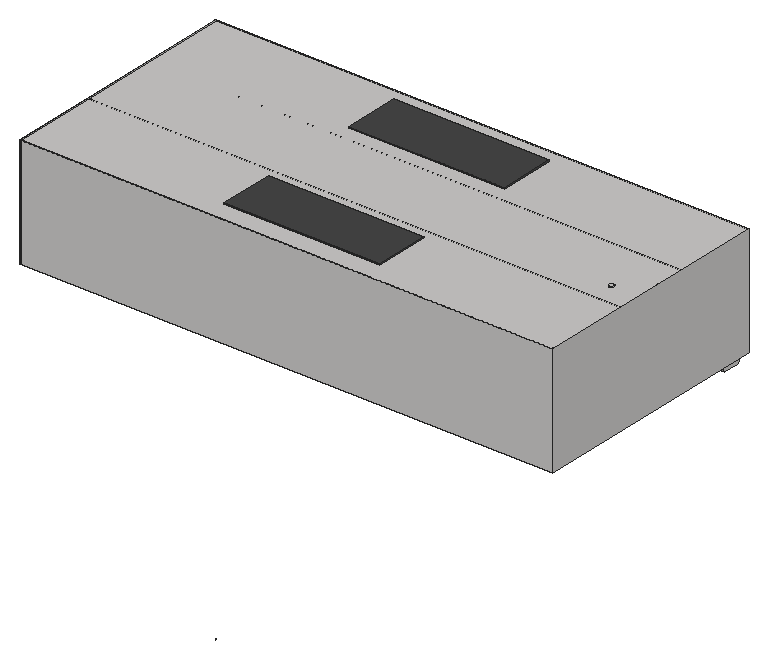
Revit family "QF_ELECTROLUXPROFESSIONAL_641252_STPF1124", category Specialty Equipment, Revit 2014
Reference planes
  plane 1: z = 0
  plane 2 "Center (Left/Right)": x = 150
  plane 3 "LEFT": x = -1050
  plane 4 "RIGHT": x = 1350
  plane 5 "BACK": y = 550
  plane 6 "TOP": z = 2500
  plane 7 "Base": z = 2000
  plane 8: z = 1955
  plane 9 "DrainY": y = 490
  plane 10: x = -1047
  plane 11 "DrainX": x = 1230
  plane 12 "AOLeft2": x = 500
  plane 13: x = 1347
  plane 14: x = -850
  plane 15: x = 1150
  plane 16 "Center (Front/Back)": y = -100
  plane 17 "Front": y = -550
  plane 18 "AOLeft1": x = -200
  plane 19: y = -464
  plane 20: y = -214
  plane 21: y = 240
  plane 22: y = 490
  plane 23 "EI_y": y = -70
  plane 24 "EIx": x = 1230
Forms (mm)
  Extrusion 1, solid, material "QF_Finishes_Stainless Steel"
    sketch origin (-1050, 0, 360) x (0, 1, 0) y (0, 0, 1)
      loop
        line (550, 1640) -> (550, 2140) -> (-550, 2140) -> (-550, 1640) -> (550, 1640)
    from 0 to 3
  Extrusion 2, solid, material "QF_Finishes_Stainless Steel"
    sketch origin (1350, 0, 360) x (0, 1, 0) y (0, 0, 1)
      loop
        line (550, 1640) -> (550, 2140) -> (-550, 2140) -> (-550, 1640) -> (550, 1640)
    from 0 to -3
  Extrusion 3, solid, material "QF_Finishes_Stainless Steel"
    sketch origin (150, 0, 360) x (0, 1, 0) y (0, 0, 1)
      loop
        line (-550, 2140) -> (-550, 1640) -> (-540, 1640) -> (-540, 1640.8) -> (-549.2, 1640.8) -> (-549.2, 2139.19) -> (549.2, 2139.19) -> (549.2, 1640.8) -> (540, 1640.8) -> (540, 1640) -> (550, 1640) -> (550, 2140) -> (-550, 2140)
    from -1200 to 1200
  Extrusion 4, solid, material "QF_Finishes_Stainless Steel"
    sketch origin (0, 0, 2000) x (0, 1, 0) y (-1, 0, 0)
      loop
        circle (490, -1230) r 4.763
    from -30 to 0
  Extrusion 5, solid, material "QF_Finishes_Black"
    sketch origin (0, 0, 2500) x (0, 1, 0) y (-1, 0, 0)
      loop
        line (-214, -500) -> (-214, 200) -> (-464, 200) -> (-464, -500) -> (-214, -500)
    from 5 to 0
  Extrusion 6, solid, material "QF_Finishes_Stainless Steel"
    sketch origin (0, 0, 0) x (1, 0, 0) y (0, 1, 0)
      loop
        line (-1050, 550) -> (-1050, 549) -> (-1049, 549) -> (-1049, 550) -> (-1050, 550)
    from 0 to 1
  Extrusion 7, solid, material "QF_LAMPS"
    sketch origin (150, 0, 360) x (0, 1, 0) y (0, 0, 1)
      loop
        line (-172.823, 1962.324) -> (-18.948, 2086.929) -> (-27.129, 2097.032) -> (-181.003, 1972.426) -> (-172.823, 1962.324)
    from 1197 to -1197
  Sweep 8, solid, material "QF_Finishes_Stainless Steel"
    path origin (0, 0, 0) x (1, 0, 0) y (0, 1, 0)
      loop
        line (1350, 550) -> (-1050, 550) -> (-1050, -550) -> (1350, -550) -> (1350, 550)
    profile origin (1350, 0, 0) x (1, 0, 0) y (0, 0, 1)
      loop
        line (-3, 2000) -> (-3, 2000.8) -> (-19, 2000.8) -> (-19, 2010) -> (-20, 2010) -> (-20, 2000) -> (-3, 2000)
  Extrusion 9, solid, material "QF_Finishes_Stainless Steel"
    sketch origin (150, 0, 0) x (0, 1, 0) y (0, 0, 1)
      loop
        line (414.66, 2095.469) -> (440.643, 2110.471) -> (261.744, 2411.771) -> (235.948, 2396.455) -> (414.66, 2095.469)
    from -1197 to -1000
  Extrusion 10, solid, material "QF_Finishes_Stainless Steel"
    sketch origin (1230, 0, 0) x (0, 1, 0) y (0, 0, 1)
      loop
        line (539, 2002) -> (441, 2002) -> (441, 1989) -> (448.5, 1989) -> (448.5, 1965)
        arc (448.5, 1965) -> (451.429, 1957.929) -> (458.5, 1955) r 10
        line (458.5, 1955) -> (521.5, 1955)
        arc (521.5, 1955) -> (528.571, 1957.929) -> (531.5, 1965) r 10
        line (531.5, 1965) -> (531.5, 1989) -> (539, 1989) -> (539, 2002)
    from 90 to -90
  Extrusion 11, solid, material "QF_Finishes_Stainless Steel"
    sketch origin (150, 0, 0) x (0, 1, 0) y (0, 0, 1)
      loop
        line (414.66, 2095.469) -> (440.643, 2110.471) -> (261.744, 2411.771) -> (235.948, 2396.455) -> (414.66, 2095.469)
    from 1000 to 1197
  Extrusion 12, solid, material "QF_Finished_Chrome"
    sketch origin (150, 0, 0) x (0, 1, 0) y (0, 0, 1)
      loop
        line (414.66, 2095.469) -> (440.643, 2110.471) -> (261.744, 2411.771) -> (235.948, 2396.455) -> (414.66, 2095.469)
    from -1000 to 1000
  Extrusion 13, solid, material "QF_Finishes_Black"
    sketch origin (0, 1180, 2500) x (0, 1, 0) y (-1, 0, 0)
      loop
        line (-690, -500) -> (-690, 200) -> (-940, 200) -> (-940, -500) -> (-690, -500)
    from 5 to 0
  Extrusion 14, solid, material "QF_Finishes_Stainless Steel"
    sketch origin (0, 0, 2500) x (0, 1, 0) y (-1, 0, 0)
      loop
        circle (-70, -1230) r 10
    from 0 to 1.6
  Extrusion 15, solid, material "QF_Finishes_Stainless Steel"
    sketch origin (150, 0, 360) x (0, 1, 0) y (0, 0, 1)
      loop
        line (430.005, 1640) -> (436.005, 1640) -> (436.005, 1640.8) -> (430.467, 1640.8) -> (371.906, 1742.23) -> (414.858, 1734.657) -> (442.266, 1750.481) -> (442.266, 1765.943) -> (441.466, 1765.943) -> (441.466, 1750.943) -> (414.709, 1735.495) -> (321.153, 1751.991) -> (320.875, 1750.416) -> (371.4, 1741.507) -> (430.005, 1640)
      loop
        line (172.529, 2139.19) -> (242.893, 2017.316) -> (245.133, 2018.715) -> (240.13, 2027.381) -> (238.569, 2026.405) -> (173.453, 2139.19) -> (172.529, 2139.19)
    from -1197 to 1197
  Extrusion 16, solid, material "QF_Finishes_Stainless Steel"
    sketch origin (150, 200.8, 360) x (0, 1, 0) y (0, 0, 1)
      loop
        line (-750, 2139.19) -> (-750, 1640) -> (-686.602, 1640) -> (-599.146, 1690.493) -> (-610.058, 1709.394) -> (-666.564, 1676.77) -> (-714.704, 1680.982) -> (-749.2, 1730.248) -> (-749.2, 2139.19) -> (-750, 2139.19)
      loop
        line (-373.6, 1961.694) -> (-381.937, 1971.99) -> (-369.095, 1982.182) -> (-369.095, 2139.19) -> (-369.895, 2139.19) -> (-369.895, 1982.569) -> (-682.298, 1734.63) -> (-671.091, 1720.79) -> (-373.6, 1961.694)
      loop
        line (-227.61, 2099.216) -> (-218.171, 2087.559) -> (-154.411, 2139.19) -> (-155.682, 2139.19) -> (-218.052, 2088.684) -> (-226.989, 2099.719) -> (-227.61, 2099.216)
    from -1197 to 1197
  Extrusion 17, solid, material "QF_Finishes_Stainless Steel"
    sketch origin (0, 0, 2500) x (0, 1, 0) y (-1, 0, 0)
      loop
        circle (-70, -1230) r 10
    from 0 to 1.6
Cuts and joins
  joined: Extrusion 2, Extrusion 3, Sweep 8
Lines and regions (mm)
  symbolic lines, style "SpecialityEquipment", detail levels coarse
    curve 1: line (1350, 550, 2500) -> (-1050, 550, 2500)
    curve 2: line (-1050, 550, 2500) -> (-1050, -550, 2500)
    curve 3: line (1350, -550, 2500) -> (1350, 550, 2500)
    curve 4: line (-1050, 550, 0) -> (1350, -550, 0)
    curve 5: line (1350, 550, 0) -> (-1050, -550, 0)
    curve 6: line (-1050, -550, 0) -> (1350, -550, 0)
  symbolic lines, detail levels coarse
    curve 7: line (-200, 240, 2500) -> (500, 240, 2500)
    curve 8: line (-200, 490, 2500) -> (-200, 240, 2500)
    curve 9: line (500, 490, 2500) -> (-200, 490, 2500)
    curve 10: line (500, 240, 2500) -> (500, 490, 2500)
Dimensions and locks
  plane 3 "LEFT" to plane 4 "RIGHT" = 2400 mm
  equal spacing: plane 3 "LEFT", plane 2 "Center (Left/Right)", plane 4 "RIGHT"
  plane 7 "Base" to plane 8 = 45 mm
  plane 5 "BACK" to plane 9 "DrainY" = 60 mm  (x2)
  plane 3 "LEFT" to plane 10 = 3 mm
  plane 11 "DrainX" to plane 4 "RIGHT" = 120 mm
  plane 13 to plane 4 "RIGHT" = 3 mm
  plane 3 "LEFT" to plane 14 = 200 mm
  plane 15 to plane 4 "RIGHT" = 200 mm
  locked: plane 7 "Base" to level at 2000
  locked: plane 6 "TOP" to plane 7 "Base" at 500
  locked: plane 20 to plane 19 at 250
  locked: plane 19 to plane 17 "Front" at 86
  locked: plane 22 to plane 21 at 250
  locked: plane 5 "BACK" to plane 22 at 60
  locked: plane 23 "EI_y" to plane 17 "Front" at 480
  locked: plane 24 "EIx" to plane 4 "RIGHT" at 120
  locked: plane 18 "AOLeft1" to plane 12 "AOLeft2" at 700
  equal spacing: plane 18 "AOLeft1", plane 2 "Center (Left/Right)", plane 12 "AOLeft2"
  locked: plane 5 "BACK" to plane 17 "Front" at 1100
  plane 5 "BACK" to plane 17 "Front" = 1100 mm
  aligned and locked: level to plane 1
  aligned and locked: plane 4 "RIGHT" to Extrusion 3
  aligned and locked: Extrusion 3 to plane 3 "LEFT"
  aligned and locked: Extrusion 2 to plane 13
  aligned and locked: Extrusion 9 to plane 10
  aligned and locked: Extrusion 5 to plane 18 "AOLeft1"
  aligned and locked: Extrusion 5 to plane 12 "AOLeft2"
  aligned and locked: plane 14 to Extrusion 9
  aligned and locked: plane 15 to Extrusion 11
  aligned and locked: plane 13 to Extrusion 11
  aligned and locked: Extrusion 12 to plane 14
  aligned and locked: Extrusion 12 to plane 15
  aligned and locked: plane 13 to Extrusion 7
  aligned and locked: Extrusion 7 to plane 10
  aligned and locked: Extrusion 13 to plane 21
  aligned and locked: plane 22 to Extrusion 13
  aligned and locked: Extrusion 13 to plane 18 "AOLeft1"
  aligned and locked: Extrusion 13 to plane 12 "AOLeft2"
  aligned and locked: Extrusion 15 to plane 10
  aligned and locked: plane 13 to Extrusion 15
  aligned and locked: Extrusion 5 to plane 19
  aligned and locked: plane 20 to Extrusion 5
  aligned and locked: Extrusion 16 to Extrusion 1
  aligned and locked: plane 13 to Extrusion 16
Automatic sketch dimensions
  curve 6 to plane 3 "LEFT" = 0 mm
  curve 4 to plane 3 "LEFT" = 0 mm
  curve 5 to plane 4 "RIGHT" = 0 mm
  curve 6 to plane 4 "RIGHT" = 0 mm
  curve 4 to plane 17 "Front" = 0 mm
  curve 4 to plane 5 "BACK" = 0 mm
  curve 5 to plane 5 "BACK" = 0 mm
  curve 2 to plane 3 "LEFT" = 0 mm
  curve 2 to plane 17 "Front" = 0 mm
  curve 3 to plane 4 "RIGHT" = 0 mm
  curve 3 to plane 17 "Front" = 0 mm
  curve 7 to plane 18 "AOLeft1" = 0 mm
  curve 7 to plane 21 = 0 mm
  curve 9 to plane 9 "DrainY" = 0 mm
  curve 2 to plane 5 "BACK" = 0 mm
  curve 9 to plane 12 "AOLeft2" = 0 mm
  Extrusion 1 sketch curve to plane 7 "Base" = 0 mm
  Extrusion 1 sketch curve to plane 17 "Front" = 0 mm
  Extrusion 1 sketch curve to plane 5 "BACK" = 0 mm
  Extrusion 1 sketch curve to plane 6 "TOP" = 0 mm
  Extrusion 2 sketch curve to plane 7 "Base" = 0 mm
  Extrusion 2 sketch curve to plane 17 "Front" = 0 mm
  Extrusion 2 sketch curve to plane 5 "BACK" = 0 mm
  Extrusion 2 sketch curve to plane 6 "TOP" = 0 mm
  Extrusion 3 sketch curve to plane 6 "TOP" = 0 mm
  Extrusion 3 sketch curve to plane 17 "Front" = 0 mm
  Extrusion 3 sketch curve to plane 7 "Base" = 0 mm  (x2)
  Extrusion 3 sketch curve to plane 5 "BACK" = 0 mm
  plane 17 "Front" to Extrusion 3 sketch curve = 0.8 mm
  Extrusion 3 sketch curve to Extrusion 3 sketch curve = 9.2 mm
  plane 7 "Base" to Extrusion 3 sketch curve = 0.8 mm  (x2)
  Extrusion 3 sketch curve to plane 5 "BACK" = 10 mm
  Extrusion 3 sketch curve to plane 5 "BACK" = 0.8 mm
  Extrusion 3 sketch curve to plane 6 "TOP" = 0.81 mm
  Extrusion 4 sketch curve to plane 9 "DrainY" = 0 mm
  Extrusion 4 sketch curve to plane 11 "DrainX" = 0 mm
  Extrusion 5 sketch curve to plane 12 "AOLeft2" = 0 mm
  Extrusion 5 sketch curve to plane 18 "AOLeft1" = 0 mm
  plane 19 to Extrusion 5 sketch curve = 0 mm
  Extrusion 5 sketch curve to plane 23 "EI_y" = 144 mm
  Extrusion 6 sketch curve to plane 3 "LEFT" = 0 mm
  Extrusion 6 sketch curve to plane 5 "BACK" = 0 mm
  plane 3 "LEFT" to Extrusion 6 sketch curve = 1 mm
  Extrusion 6 sketch curve to Extrusion 6 sketch curve = 1 mm
  plane 20 to Extrusion 7 sketch curve = 32.997 mm
  Extrusion 7 sketch curve to Extrusion 7 sketch curve = 8.181 mm  (x2)
  plane 23 "EI_y" to Extrusion 7 sketch curve = 42.871 mm
  Extrusion 7 sketch curve to plane 6 "TOP" = 177.676 mm
  Extrusion 7 sketch curve to Extrusion 7 sketch curve = 10.102 mm
  Extrusion 7 sketch curve to plane 6 "TOP" = 53.071 mm
  Extrusion 7 sketch curve to Extrusion 7 sketch curve = 10.103 mm
  Sweep 8 sketch curve to plane 3 "LEFT" = 0 mm
  Sweep 8 sketch curve to plane 4 "RIGHT" = 0 mm
  Sweep 8 sketch curve to plane 17 "Front" = 0 mm
  Sweep 8 sketch curve to plane 5 "BACK" = 0 mm
  profile plane to Sweep 8 sketch curve = 20 mm
  Sweep 8 sketch curve to Sweep 8 sketch curve = 1 mm
  profile plane to Sweep 8 sketch curve = 3 mm
  level to Sweep 8 sketch curve = 2000 mm
  Sweep 8 sketch curve to Sweep 8 sketch curve = 0.8 mm
  Sweep 8 sketch curve to Sweep 8 sketch curve = 9.2 mm
  Extrusion 9 sketch curve to plane 21 = 4.052 mm
  plane 21 to Extrusion 9 sketch curve = 21.744 mm
  Extrusion 9 sketch curve to plane 9 "DrainY" = 75.34 mm
  Extrusion 9 sketch curve to Extrusion 9 sketch curve = 25.983 mm
  plane 7 "Base" to Extrusion 9 sketch curve = 95.469 mm
  Extrusion 9 sketch curve to Extrusion 9 sketch curve = 15.001 mm
  Extrusion 9 sketch curve to plane 6 "TOP" = 103.545 mm
  Extrusion 9 sketch curve to Extrusion 9 sketch curve = 15.316 mm
  Extrusion 10 sketch curve to plane 8 = 0 mm
  Extrusion 10 sketch curve to plane 7 "Base" = 11 mm  (x2)
  Extrusion 10 sketch curve to plane 9 "DrainY" = 49 mm
  Extrusion 10 sketch curve to Extrusion 10 sketch curve = 7.5 mm  (x2)
  Extrusion 10 sketch curve to Extrusion 10 sketch curve = 10 mm
  Extrusion 10 sketch curve to plane 5 "BACK" = 28.5 mm
  Extrusion 10 sketch curve to plane 5 "BACK" = 18.5 mm
  plane 7 "Base" to Extrusion 10 sketch curve = 2 mm
  Extrusion 11 sketch curve to plane 21 = 4.052 mm
  plane 21 to Extrusion 11 sketch curve = 21.744 mm
  Extrusion 11 sketch curve to plane 9 "DrainY" = 75.34 mm
  Extrusion 11 sketch curve to Extrusion 11 sketch curve = 25.983 mm
  plane 7 "Base" to Extrusion 11 sketch curve = 95.469 mm
  Extrusion 11 sketch curve to Extrusion 11 sketch curve = 15.001 mm
  Extrusion 11 sketch curve to plane 6 "TOP" = 103.545 mm
  Extrusion 11 sketch curve to Extrusion 11 sketch curve = 15.316 mm
  Extrusion 12 sketch curve to plane 21 = 4.052 mm
  plane 21 to Extrusion 12 sketch curve = 21.744 mm
  Extrusion 12 sketch curve to plane 9 "DrainY" = 75.34 mm
  Extrusion 12 sketch curve to Extrusion 12 sketch curve = 25.983 mm
  plane 7 "Base" to Extrusion 12 sketch curve = 95.469 mm
  Extrusion 12 sketch curve to Extrusion 12 sketch curve = 15.001 mm
  Extrusion 12 sketch curve to plane 6 "TOP" = 103.545 mm
  Extrusion 12 sketch curve to Extrusion 12 sketch curve = 15.316 mm
  Extrusion 13 sketch curve to plane 12 "AOLeft2" = 0 mm
  Extrusion 13 sketch curve to plane 21 = 0 mm
  Extrusion 13 sketch curve to plane 9 "DrainY" = 0 mm
  Extrusion 13 sketch curve to plane 18 "AOLeft1" = 0 mm
  Extrusion 14 sketch curve to plane 23 "EI_y" = 0 mm
  Extrusion 14 sketch curve to plane 24 "EIx" = 0 mm
  Extrusion 15 sketch curve to plane 7 "Base" = 0 mm
  Extrusion 15 sketch curve to plane 6 "TOP" = 0.81 mm
  Extrusion 15 sketch curve to plane 21 = 67.471 mm
  Extrusion 15 sketch curve to Extrusion 15 sketch curve = 0.924 mm
  Extrusion 15 sketch curve to plane 21 = 1.431 mm
  plane 21 to Extrusion 15 sketch curve = 0.13 mm
  plane 21 to Extrusion 15 sketch curve = 2.893 mm
  Extrusion 15 sketch curve to Extrusion 15 sketch curve = 2.24 mm
  plane 21 to Extrusion 15 sketch curve = 80.875 mm
  Extrusion 15 sketch curve to Extrusion 15 sketch curve = 0.278 mm
  Extrusion 15 sketch curve to Extrusion 15 sketch curve = 50.525 mm
  Extrusion 15 sketch curve to Extrusion 15 sketch curve = 0.506 mm
  Extrusion 15 sketch curve to Extrusion 15 sketch curve = 42.803 mm
  Extrusion 15 sketch curve to Extrusion 15 sketch curve = 0.148 mm
  Extrusion 15 sketch curve to plane 9 "DrainY" = 59.995 mm
  plane 7 "Base" to Extrusion 15 sketch curve = 0.8 mm
  Extrusion 15 sketch curve to Extrusion 15 sketch curve = 0.462 mm  (x2)
  Extrusion 15 sketch curve to Extrusion 15 sketch curve = 5.538 mm
  Extrusion 15 sketch curve to Extrusion 15 sketch curve = 26.757 mm
  Extrusion 15 sketch curve to Extrusion 15 sketch curve = 0.8 mm
  plane 7 "Base" to Extrusion 15 sketch curve = 94.657 mm
  Extrusion 15 sketch curve to Extrusion 15 sketch curve = 0.838 mm
  Extrusion 15 sketch curve to Extrusion 15 sketch curve = 6.012 mm
  Extrusion 15 sketch curve to Extrusion 15 sketch curve = 0.723 mm
  Extrusion 15 sketch curve to Extrusion 15 sketch curve = 14.986 mm
  Extrusion 15 sketch curve to Extrusion 15 sketch curve = 15 mm
  Extrusion 15 sketch curve to plane 6 "TOP" = 122.684 mm
  Extrusion 15 sketch curve to Extrusion 15 sketch curve = 1.399 mm
  Extrusion 15 sketch curve to Extrusion 15 sketch curve = 9.089 mm
  Extrusion 15 sketch curve to Extrusion 15 sketch curve = 0.975 mm
  Extrusion 16 sketch curve to plane 7 "Base" = 0 mm
  Extrusion 16 sketch curve to Extrusion 16 sketch curve = 0.8 mm  (x2)
  plane 7 "Base" to Extrusion 16 sketch curve = 40.982 mm
  Extrusion 16 sketch curve to Extrusion 16 sketch curve = 35.296 mm
  Extrusion 16 sketch curve to Extrusion 16 sketch curve = 28.102 mm
  plane 7 "Base" to Extrusion 16 sketch curve = 94.63 mm
  Extrusion 16 sketch curve to Extrusion 16 sketch curve = 32.405 mm
  plane 7 "Base" to Extrusion 16 sketch curve = 80.79 mm
  Extrusion 16 sketch curve to Extrusion 16 sketch curve = 11.207 mm
  plane 7 "Base" to Extrusion 16 sketch curve = 36.77 mm
  Extrusion 16 sketch curve to Extrusion 16 sketch curve = 20.038 mm
  plane 7 "Base" to Extrusion 16 sketch curve = 69.394 mm
  Extrusion 16 sketch curve to Extrusion 16 sketch curve = 61.033 mm
  plane 7 "Base" to Extrusion 16 sketch curve = 50.493 mm
  Extrusion 16 sketch curve to Extrusion 16 sketch curve = 10.912 mm
  Extrusion 16 sketch curve to plane 6 "TOP" = 168.01 mm
  Extrusion 16 sketch curve to Extrusion 16 sketch curve = 228.121 mm
  Extrusion 16 sketch curve to plane 6 "TOP" = 178.306 mm
  Extrusion 16 sketch curve to Extrusion 16 sketch curve = 8.337 mm
  Extrusion 16 sketch curve to plane 6 "TOP" = 157.431 mm
  Extrusion 16 sketch curve to Extrusion 16 sketch curve = 12.042 mm
  Extrusion 16 sketch curve to plane 6 "TOP" = 157.818 mm
  Extrusion 16 sketch curve to plane 6 "TOP" = 40.784 mm
  Extrusion 16 sketch curve to Extrusion 16 sketch curve = 141.485 mm
  Extrusion 16 sketch curve to plane 6 "TOP" = 40.281 mm
  Extrusion 16 sketch curve to Extrusion 16 sketch curve = 0.622 mm
  Extrusion 16 sketch curve to plane 6 "TOP" = 52.441 mm
  Extrusion 16 sketch curve to plane 6 "TOP" = 51.316 mm
  Extrusion 16 sketch curve to plane 6 "TOP" = 0.81 mm  (x3)
  Extrusion 16 sketch curve to Extrusion 16 sketch curve = 62.37 mm
  Extrusion 16 sketch curve to Extrusion 16 sketch curve = 1.271 mm
  Extrusion 16 sketch curve to Extrusion 16 sketch curve = 49.266 mm
  Extrusion 17 sketch curve to plane 23 "EI_y" = 0 mm
  Extrusion 17 sketch curve to plane 24 "EIx" = 0 mm
  plane 17 "Front" to Extrusion 16 sketch curve = 0.8 mm
  radius of Extrusion 4 sketch curve = 4.763 mm
  radius of Extrusion 14 sketch curve = 10 mm
  radius of Extrusion 17 sketch curve = 10 mm
Connectors
  piping at (1230, 490, 1970), diameter 9.5
    settings: on Extrusion 4, index 1, connector inside diameter 609.6 mm, connector length 0 mm, flow factor 0, pipe flow 0.0 L/s, pressure drop 0.0 Pa, fitting loss kfactor 0, connector angle 0.00°, fixture units 0, engagement length 0 mm, angle of deflection 0.00°, flow configuration 1, flow direction 2, fitting loss method 0, system type 16, joint type 0, gender type 0, connector reference index -1, connector utility 0, adjustable connector no, is connector primary yes, connector description "Drain"
  hvac at (150, -339, 2505)
    settings: on Extrusion 5, index 2, duct flow 0.0 L/s, flow factor 0, pres drop 0.0 Pa, loss coef 0, conn angle 0.00°, conn width 250 mm, conn height 700 mm, conn diameter 609.6 mm, duct sys type 1, conn prof type 1, flow config 1, flow direction 1, loss method 0, conn ref index -1, conn util no, is conn primary yes, conn desc "AIR INLET"
  hvac at (150, 365, 2505)
    settings: on Extrusion 13, index 4, duct flow 0.0 L/s, flow factor 0, pres drop 0.0 Pa, loss coef 0, conn angle 0.00°, conn width 250 mm, conn height 700 mm, conn diameter 609.6 mm, duct sys type 3, conn prof type 1, flow config 1, flow direction 2, loss method 0, conn ref index -1, conn util no, is conn primary no, conn desc "EXHAUST OUTLET"
  electrical at (1230, -70, 2501.6)
    settings: on Extrusion 14, index 6, voltage 0 V, apparent load 0 VA, apparent load phase1 0 VA, apparent load phase2 0 VA, apparent load phase3 0 VA, power factor 1, load classification "Other", number of poles 1, system type 30, power factor state 1, is connector primary yes, connector utility no, sub classification motor no, connector description "Electrical Connection"
  electrical at (1230, -70, 2501.6)
    settings: on Extrusion 17, index 12, voltage 0 V, apparent load 0 VA, apparent load phase1 0 VA, apparent load phase2 0 VA, apparent load phase3 0 VA, power factor 1, load classification "Other", number of poles 1, system type 30, power factor state 1, is connector primary no, connector utility no, sub classification motor no, connector description ""
